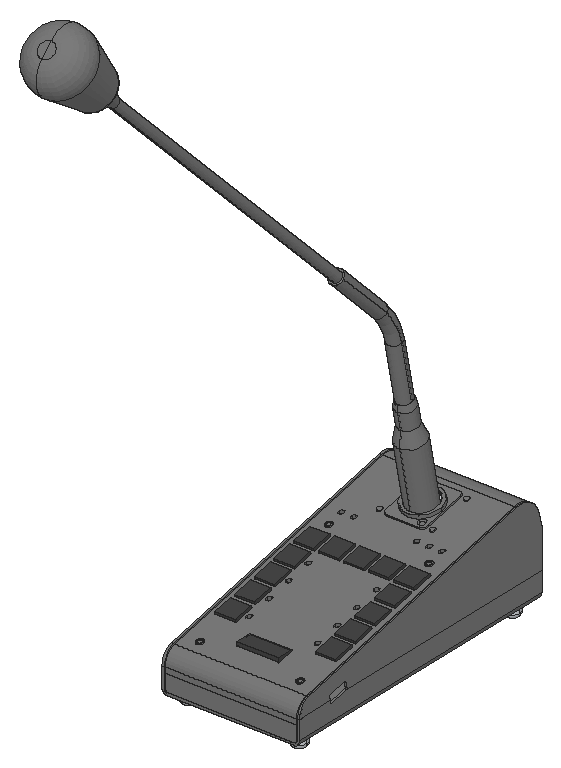
Revit family "LDA_BIM_MICROFONO MULTIZONA_MPS-8Z", category Equipos especializados, Revit 2021 (continued)
Forms (mm)
  Extrusion 123, solid, not visible
    sketch origin (0, 6.21, 0.653) x (1, 0, 0) y (0, 0.978148, 0.207912)
      loop
        line (67.604, 110.777) -> (67.604, 98.163) -> (80.199, 98.163) -> (80.199, 110.777) -> (67.604, 110.777)
      loop
        line (5.197, 95.19) -> (5.197, 82.577) -> (17.793, 82.577) -> (17.793, 95.19) -> (5.197, 95.19)
      loop
        line (67.607, 95.163) -> (67.607, 82.549) -> (80.202, 82.549) -> (80.202, 95.163) -> (67.607, 95.163)
      loop
        line (5.197, 79.59) -> (5.197, 66.977) -> (17.793, 66.977) -> (17.793, 79.59) -> (5.197, 79.59)
      loop
        line (67.607, 79.563) -> (67.607, 66.949) -> (80.202, 66.949) -> (80.202, 79.563) -> (67.607, 79.563)
      loop
        line (5.197, 63.99) -> (5.197, 51.377) -> (17.793, 51.377) -> (17.793, 63.99) -> (5.197, 63.99)
      loop
        line (67.607, 63.963) -> (67.607, 51.349) -> (80.202, 51.349) -> (80.202, 63.963) -> (67.607, 63.963)
      loop
        line (5.197, 48.39) -> (5.197, 35.777) -> (17.793, 35.777) -> (17.793, 48.39) -> (5.197, 48.39)
      loop
        line (67.607, 48.363) -> (67.607, 35.749) -> (80.202, 35.749) -> (80.202, 48.363) -> (67.607, 48.363)
    from 28.37 to 31
  Extrusion 124, solid, not visible
    sketch origin (0, 0, 0) x (0, 1, 0) y (0, 0, 1)
      loop
        line (31.165, 36.495) -> (21.165, 36.495) -> (21.165, 32.836) -> (31.477, 35.028) -> (31.165, 36.495)
    from 29.7 to 55.7
  Extrusion 125, solid, not visible
    sketch origin (0, 0, 0) x (1, 0, 0) y (0, 0, 1)
      loop
        line (61.15, 33.39) -> (44.45, 33.39) -> (44.45, 19.49) -> (61.15, 19.49) -> (61.15, 33.39)
    from -178.1 to -188.08
  Extrusion 126, void, not visible
    sketch origin (0, 0, 0) x (1, 0, 0) y (0, 0, 1)
      loop
        line (59.062, 31.248) -> (46.471, 31.248) -> (46.471, 23.2) -> (49.191, 23.2) -> (49.191, 21.746) -> (50.328, 21.746) -> (50.328, 19.95) -> (55.206, 19.95) -> (55.206, 21.746) -> (56.343, 21.746) -> (56.343, 23.2) -> (59.062, 23.2) -> (59.062, 31.248)
    from -188.08 to -180.1
  Extrusion 127, solid, not visible
    sketch origin (-17.8, 0, 0) x (1, 0, 0) y (0, 0, 1)
      loop
        line (61.15, 33.39) -> (44.45, 33.39) -> (44.45, 19.49) -> (61.15, 19.49) -> (61.15, 33.39)
    from -178.1 to -188.08
  Extrusion 128, void, not visible
    sketch origin (-17.8, 0, 0) x (1, 0, 0) y (0, 0, 1)
      loop
        line (59.062, 31.248) -> (46.471, 31.248) -> (46.471, 23.2) -> (49.191, 23.2) -> (49.191, 21.746) -> (50.328, 21.746) -> (50.328, 19.95) -> (55.206, 19.95) -> (55.206, 21.746) -> (56.343, 21.746) -> (56.343, 23.2) -> (59.062, 23.2) -> (59.062, 31.248)
    from -188.08 to -180.1
  Extrusion 129, solid, not visible
    sketch origin (16.068, 0, -5.533) x (1, 0, 0) y (0, 0, 1)
      loop
        circle (50.472, 28.733) r 3.2
    from -178.1 to -190
  Extrusion 130, void, not visible
    sketch origin (13.495, 0, -9.449) x (1, 0, 0) y (0, 0, 1)
      loop
        circle (53.045, 32.649) r 2.2
    from -190 to -180.1
Cuts and joins
  Extrusion 40, Extrusion 47, Extrusion 57, Extrusion 59, Extrusion 61 cuts Extrusion 38
  Revolve 30, Revolve 31 cuts Extrusion 29
  Extrusion 57 cuts Extrusion 56
  Extrusion 59 cuts Extrusion 58
  Extrusion 61 cuts Extrusion 60
  Extrusion 47 cuts Extrusion 46
  Extrusion 3, Extrusion 5 cuts Sweep 1
Lines and regions (mm)
  symbolic lines, style "_Rojo_Solido_Grueso", not visible
    curve 1: line (-41.821, 0, 0) -> (160, 0, 0)
    curve 2: line (-41.821, 0, 0) -> (-94.321, 32.482, 0)
    curve 3: line (-94.321, -32.482, 0) -> (-94.321, 32.482, 0)
    curve 490: line (-41.821, 0, 0) -> (-94.321, -32.482, 0)
    curve 496: line (42.7, 42.7, 0) -> (42.7, -42.7, 0)
    curve 497: line (230.78, 42.7, 0) -> (42.7, 42.7, 0)
    curve 498: line (230.78, -42.7, 0) -> (230.78, 42.7, 0)
    curve 499: line (42.7, -42.7, 0) -> (230.78, -42.7, 0)
    curve 500: line (160, -42.7, 0) -> (160, 42.7, 0)
  model lines, style "COT"
    curve 4: circle (42.7, 149.354, 61.617) r 12 normal (0, -0.2079, 0.9781)
  model lines, style "SERIGRAFIA FRONTAL"
    curve 5: arc (23.789, 129.081, 57.307) -> (23.642, 129.427, 57.381) -> (23.289, 129.57, 57.411) r 0.5
    curve 6: arc (23.289, 120.766, 55.54) -> (23.642, 120.91, 55.571) -> (23.789, 121.256, 55.644) r 0.5
    curve 7: arc (6.989, 121.256, 55.644) -> (7.135, 120.91, 55.571) -> (7.489, 120.766, 55.54) r 0.5
    curve 8: arc (7.489, 129.57, 57.411) -> (7.135, 129.427, 57.381) -> (6.989, 129.081, 57.307) r 0.5
    curve 9: arc (7.489, 129.765, 57.453) -> (6.994, 129.565, 57.41) -> (6.789, 129.081, 57.307) r 0.7
    curve 10: arc (6.789, 121.256, 55.644) -> (6.994, 120.771, 55.541) -> (7.489, 120.571, 55.499) r 0.7
    curve 11: arc (23.989, 129.081, 57.307) -> (23.784, 129.565, 57.41) -> (23.289, 129.765, 57.453) r 0.7
    curve 12: arc (23.289, 120.571, 55.499) -> (23.784, 120.771, 55.541) -> (23.989, 121.256, 55.644) r 0.7
    curve 13: arc (54.292, 129.767, 57.453) -> (53.797, 129.567, 57.411) -> (53.592, 129.083, 57.308) r 0.7
    curve 14: arc (54.292, 129.572, 57.412) -> (53.938, 129.429, 57.381) -> (53.792, 129.083, 57.308) r 0.5
    curve 15: arc (78.595, 129.083, 57.308) -> (78.39, 129.567, 57.411) -> (77.895, 129.767, 57.453) r 0.7
    curve 16: arc (78.395, 129.083, 57.308) -> (78.248, 129.429, 57.381) -> (77.895, 129.572, 57.412) r 0.5
    curve 17: arc (53.592, 121.258, 55.644) -> (53.797, 120.773, 55.542) -> (54.292, 120.573, 55.499) r 0.7
    curve 18: arc (77.895, 120.573, 55.499) -> (78.39, 120.773, 55.542) -> (78.595, 121.258, 55.644) r 0.7
    curve 19: arc (77.895, 120.768, 55.541) -> (78.248, 120.912, 55.571) -> (78.395, 121.258, 55.644) r 0.5
    curve 20: arc (53.792, 121.258, 55.644) -> (53.938, 120.912, 55.571) -> (54.292, 120.768, 55.541) r 0.5
    curve 21: arc (4.28, 109.898, 53.23) -> (3.785, 109.698, 53.187) -> (3.58, 109.214, 53.084) r 0.7
    curve 22: arc (3.58, 95.3, 50.127) -> (3.785, 94.816, 50.024) -> (4.28, 94.615, 49.981) r 0.7
    curve 23: arc (4.28, 109.703, 53.188) -> (3.926, 109.559, 53.158) -> (3.78, 109.214, 53.084) r 0.5
    curve 24: arc (3.78, 95.3, 50.127) -> (3.926, 94.954, 50.053) -> (4.28, 94.811, 50.023) r 0.5
    curve 25: arc (80.994, 94.62, 49.982) -> (81.489, 94.82, 50.025) -> (81.694, 95.304, 50.128) r 0.7
    curve 26: arc (81.694, 109.214, 53.084) -> (81.489, 109.698, 53.187) -> (80.994, 109.898, 53.23) r 0.7
    curve 27: arc (80.994, 94.815, 50.024) -> (81.347, 94.958, 50.054) -> (81.494, 95.304, 50.128) r 0.5
    curve 28: arc (81.494, 109.214, 53.084) -> (81.347, 109.559, 53.158) -> (80.994, 109.703, 53.188) r 0.5
    curve 29: arc (60.496, 90.024, 49.006) -> (60.971, 89.843, 48.967) -> (61.194, 89.394, 48.872) r 0.7
    curve 30: arc (61.194, 84.394, 47.809) -> (60.971, 83.946, 47.714) -> (60.496, 83.764, 47.675) r 0.7
    curve 31: arc (24.894, 83.764, 47.675) -> (24.399, 83.965, 47.718) -> (24.194, 84.449, 47.821) r 0.7
    curve 32: arc (24.194, 89.339, 48.86) -> (24.399, 89.824, 48.963) -> (24.894, 90.024, 49.006) r 0.7
    curve 33: arc (60.496, 89.829, 48.964) -> (60.833, 89.701, 48.937) -> (60.994, 89.386, 48.87) r 0.5
    curve 34: arc (60.994, 84.403, 47.811) -> (60.833, 84.087, 47.744) -> (60.496, 83.96, 47.717) r 0.5
    curve 35: arc (24.894, 83.96, 47.717) -> (24.54, 84.103, 47.747) -> (24.394, 84.449, 47.821) r 0.5
    curve 36: arc (24.394, 89.339, 48.86) -> (24.54, 89.685, 48.934) -> (24.894, 89.829, 48.964) r 0.5
    curve 37: arc (60.497, 74.768, 45.763) -> (60.992, 74.567, 45.72) -> (61.197, 74.083, 45.617) r 0.7
    curve 38: arc (61.197, 69.192, 44.578) -> (60.992, 68.708, 44.475) -> (60.497, 68.508, 44.432) r 0.7
    curve 39: arc (24.895, 68.508, 44.432) -> (24.4, 68.708, 44.475) -> (24.195, 69.192, 44.578) r 0.7
    curve 40: arc (24.195, 74.083, 45.617) -> (24.4, 74.567, 45.72) -> (24.895, 74.768, 45.763) r 0.7
    curve 41: arc (60.497, 74.572, 45.721) -> (60.85, 74.429, 45.691) -> (60.997, 74.083, 45.617) r 0.5
    curve 42: arc (60.997, 69.192, 44.578) -> (60.85, 68.846, 44.504) -> (60.497, 68.703, 44.474) r 0.5
    curve 43: arc (24.895, 68.703, 44.474) -> (24.541, 68.846, 44.504) -> (24.395, 69.192, 44.578) r 0.5
    curve 44: arc (24.395, 74.083, 45.617) -> (24.541, 74.429, 45.691) -> (24.895, 74.572, 45.721) r 0.5
    curve 45: arc (60.497, 59.506, 42.519) -> (60.992, 59.305, 42.476) -> (61.197, 58.821, 42.373) r 0.7
    curve 46: arc (61.197, 53.931, 41.334) -> (60.992, 53.446, 41.231) -> (60.497, 53.246, 41.188) r 0.7
    curve 47: arc (24.895, 53.246, 41.188) -> (24.4, 53.446, 41.231) -> (24.195, 53.931, 41.334) r 0.7
    curve 48: arc (24.195, 58.821, 42.373) -> (24.4, 59.305, 42.476) -> (24.895, 59.506, 42.519) r 0.7
    curve 49: arc (60.497, 59.31, 42.477) -> (60.851, 59.167, 42.447) -> (60.997, 58.821, 42.373) r 0.5
    curve 50: arc (60.997, 53.931, 41.334) -> (60.851, 53.585, 41.26) -> (60.497, 53.441, 41.23) r 0.5
    curve 51: arc (24.895, 53.441, 41.23) -> (24.541, 53.585, 41.26) -> (24.395, 53.931, 41.334) r 0.5
    curve 52: arc (24.395, 58.821, 42.373) -> (24.541, 59.167, 42.447) -> (24.895, 59.31, 42.477) r 0.5
    curve 53: arc (60.494, 44.249, 39.276) -> (60.989, 44.048, 39.233) -> (61.194, 43.564, 39.13) r 0.7
    curve 54: arc (61.194, 38.674, 38.091) -> (60.989, 38.189, 37.988) -> (60.494, 37.989, 37.945) r 0.7
    curve 55: arc (24.892, 37.989, 37.945) -> (24.397, 38.189, 37.988) -> (24.192, 38.674, 38.091) r 0.7
    curve 56: arc (24.192, 43.564, 39.13) -> (24.397, 44.048, 39.233) -> (24.892, 44.249, 39.276) r 0.7
    curve 57: arc (60.494, 44.053, 39.234) -> (60.847, 43.91, 39.204) -> (60.994, 43.564, 39.13) r 0.5
    curve 58: arc (60.994, 38.674, 38.091) -> (60.847, 38.328, 38.017) -> (60.494, 38.184, 37.987) r 0.5
    curve 59: arc (24.892, 38.184, 37.987) -> (24.538, 38.328, 38.017) -> (24.392, 38.674, 38.091) r 0.5
    curve 60: arc (24.392, 43.564, 39.13) -> (24.538, 43.91, 39.204) -> (24.892, 44.053, 39.234) r 0.5
    curve 61: arc (27.994, 19.347, 33.983) -> (28.199, 18.863, 33.88) -> (28.694, 18.662, 33.837) r 0.7
    curve 62: arc (28.194, 19.347, 33.983) -> (28.34, 19.001, 33.909) -> (28.694, 18.858, 33.879) r 0.5
    curve 63: arc (56.694, 18.662, 33.837) -> (57.19, 18.863, 33.88) -> (57.394, 19.349, 33.983) r 0.7
    curve 64: arc (56.694, 18.858, 33.879) -> (57.048, 19.001, 33.909) -> (57.194, 19.347, 33.983) r 0.5
    curve 65: arc (60.494, 34.977, 37.305) -> (60.989, 35.178, 37.348) -> (61.194, 35.662, 37.451) r 0.7
    curve 66: arc (60.494, 35.173, 37.347) -> (60.848, 35.316, 37.377) -> (60.994, 35.662, 37.451) r 0.5
    curve 67: arc (24.894, 93.079, 49.655) -> (24.399, 92.878, 49.612) -> (24.194, 92.394, 49.509) r 0.7
    curve 68: arc (24.894, 92.883, 49.613) -> (24.54, 92.74, 49.583) -> (24.394, 92.393, 49.509) r 0.5
    curve 69: line (23.789, 129.081, 57.307) -> (23.789, 121.256, 55.644)
    curve 70: line (23.289, 120.766, 55.54) -> (15.539, 120.766, 55.54)
    curve 71: line (15.539, 120.766, 55.54) -> (15.239, 120.766, 55.54)
    curve 72: line (15.239, 120.766, 55.54) -> (7.489, 120.766, 55.54)
    curve 73: line (6.989, 121.256, 55.644) -> (6.989, 129.081, 57.307)
    curve 74: line (7.489, 129.57, 57.411) -> (7.989, 129.57, 57.411)
    curve 75: line (7.989, 129.57, 57.411) -> (7.989, 129.765, 57.453)
    curve 76: line (7.989, 129.765, 57.453) -> (7.489, 129.765, 57.453)
    curve 77: line (6.789, 129.081, 57.307) -> (6.789, 121.256, 55.644)
    curve 78: line (7.489, 120.571, 55.499) -> (15.239, 120.571, 55.499)
    curve 79: line (15.239, 120.571, 55.499) -> (15.539, 120.571, 55.499)
    curve 80: line (15.539, 120.571, 55.499) -> (23.289, 120.571, 55.499)
    curve 81: line (23.989, 121.256, 55.644) -> (23.989, 129.081, 57.307)
    curve 82: line (23.289, 129.765, 57.453) -> (22.789, 129.765, 57.453)
    curve 83: line (22.789, 129.765, 57.453) -> (22.789, 129.57, 57.411)
    curve 84: line (22.789, 129.57, 57.411) -> (23.289, 129.57, 57.411)
    curve 85: line (53.792, 129.083, 57.308) -> (53.792, 125.17, 56.476)
    curve 86: line (53.792, 125.17, 56.476) -> (53.792, 121.258, 55.644)
    curve 87: line (53.592, 121.258, 55.644) -> (53.592, 129.083, 57.308)
    curve 88: line (54.292, 129.767, 57.453) -> (54.792, 129.767, 57.453)
    curve 89: line (54.792, 129.767, 57.453) -> (54.792, 129.572, 57.412)
    curve 90: line (54.792, 129.572, 57.412) -> (54.292, 129.572, 57.412)
    curve 91: line (78.395, 129.083, 57.308) -> (78.395, 125.17, 56.476)
    curve 92: line (78.395, 125.17, 56.476) -> (78.395, 121.258, 55.644)
    curve 93: line (78.595, 121.258, 55.644) -> (78.595, 129.083, 57.308)
    curve 94: line (77.895, 129.767, 57.453) -> (77.395, 129.767, 57.453)
    curve 95: line (77.395, 129.767, 57.453) -> (77.395, 129.572, 57.412)
    curve 96: line (77.395, 129.572, 57.412) -> (77.895, 129.572, 57.412)
    curve 97: line (54.292, 120.573, 55.499) -> (77.895, 120.573, 55.499)
    curve 98: line (77.895, 120.768, 55.541) -> (54.292, 120.768, 55.541)
    curve 99: line (3.58, 109.214, 53.084) -> (3.58, 95.3, 50.127)
    curve 100: line (4.28, 94.615, 49.981) -> (51.513, 94.615, 49.981)
    curve 101: line (51.513, 94.615, 49.981) -> (80.994, 94.615, 49.981)
    curve 102: line (4.28, 109.898, 53.23) -> (5.381, 109.898, 53.23)
    curve 103: line (5.381, 109.898, 53.23) -> (5.381, 109.703, 53.188)
    curve 104: line (5.381, 109.703, 53.188) -> (4.28, 109.703, 53.188)
    curve 105: line (3.78, 109.214, 53.084) -> (3.78, 95.3, 50.127)
    curve 106: line (4.28, 94.811, 50.023) -> (51.513, 94.811, 50.023)
    curve 107: line (51.513, 94.811, 50.023) -> (80.994, 94.811, 50.023)
    curve 108: line (81.694, 95.304, 50.128) -> (81.694, 109.214, 53.084)
    curve 109: line (81.494, 95.304, 50.128) -> (81.494, 109.214, 53.084)
    curve 110: line (80.994, 109.703, 53.188) -> (80.494, 109.703, 53.188)
    curve 111: line (80.494, 109.703, 53.188) -> (80.494, 109.898, 53.23)
    curve 112: line (80.494, 109.898, 53.23) -> (80.994, 109.898, 53.23)
    curve 113: line (61.194, 85.427, 48.028) -> (61.194, 89.394, 48.872)
    curve 114: line (61.194, 89.394, 48.872) -> (61.194, 84.394, 47.809)
    curve 115: line (61.194, 84.394, 47.809) -> (61.194, 88.361, 48.652)
    curve 116: line (60.496, 90.024, 49.006) -> (24.894, 90.024, 49.006)
    curve 117: line (24.894, 90.024, 49.006) -> (60.496, 90.024, 49.006)
    curve 118: line (24.194, 89.339, 48.86) -> (24.194, 84.449, 47.821)
    curve 119: line (24.194, 84.449, 47.821) -> (24.194, 89.339, 48.86)
    curve 120: line (60.496, 89.829, 48.964) -> (42.694, 89.829, 48.964)
    curve 121: line (42.694, 89.829, 48.964) -> (24.894, 89.829, 48.964)
    curve 122: line (24.894, 89.829, 48.964) -> (60.496, 89.829, 48.964)
    curve 123: line (24.394, 89.339, 48.86) -> (24.394, 84.449, 47.821)
    curve 124: line (24.394, 84.449, 47.821) -> (24.394, 89.339, 48.86)
    curve 125: line (60.994, 88.361, 48.652) -> (60.994, 84.403, 47.811)
    curve 126: line (60.994, 84.495, 47.83) -> (60.994, 89.386, 48.87)
    curve 127: line (60.994, 89.293, 48.85) -> (60.994, 85.427, 48.028)
    curve 128: line (24.894, 83.96, 47.717) -> (60.496, 83.96, 47.717)
    curve 129: line (60.496, 83.96, 47.717) -> (24.894, 83.96, 47.717)
    curve 130: line (24.894, 83.764, 47.675) -> (60.496, 83.764, 47.675)
    curve 131: line (60.496, 83.764, 47.675) -> (24.894, 83.764, 47.675)
    curve 132: line (60.497, 74.768, 45.763) -> (24.895, 74.768, 45.763)
    curve 133: line (24.895, 74.768, 45.763) -> (60.497, 74.768, 45.763)
    curve 134: line (24.195, 74.083, 45.617) -> (24.195, 69.192, 44.578)
    curve 135: line (24.195, 69.192, 44.578) -> (24.195, 74.083, 45.617)
    curve 136: line (42.695, 74.572, 45.721) -> (24.895, 74.572, 45.721)
    curve 137: line (24.895, 74.572, 45.721) -> (60.497, 74.572, 45.721)
    curve 138: line (24.395, 74.083, 45.617) -> (24.395, 69.192, 44.578)
    curve 139: line (24.395, 69.192, 44.578) -> (24.395, 74.083, 45.617)
    curve 140: line (24.895, 68.703, 44.474) -> (60.497, 68.703, 44.474)
    curve 141: line (60.497, 68.703, 44.474) -> (24.895, 68.703, 44.474)
    curve 142: line (24.895, 68.508, 44.432) -> (60.497, 68.508, 44.432)
    curve 143: line (60.497, 68.508, 44.432) -> (24.895, 68.508, 44.432)
    curve 144: line (61.197, 74.083, 45.617) -> (61.197, 69.192, 44.578)
    curve 145: line (60.997, 74.083, 45.617) -> (60.997, 69.192, 44.578)
    curve 146: line (60.497, 59.506, 42.519) -> (24.895, 59.506, 42.519)
    curve 147: line (24.895, 59.506, 42.519) -> (60.497, 59.506, 42.519)
    curve 148: line (24.195, 58.821, 42.373) -> (24.195, 53.931, 41.334)
    curve 149: line (24.195, 53.931, 41.334) -> (24.195, 58.821, 42.373)
    curve 150: line (42.695, 59.31, 42.477) -> (24.895, 59.31, 42.477)
    curve 151: line (24.895, 59.31, 42.477) -> (60.497, 59.31, 42.477)
    curve 152: line (24.395, 58.821, 42.373) -> (24.395, 53.931, 41.334)
    curve 153: line (24.395, 53.931, 41.334) -> (24.395, 58.821, 42.373)
    curve 154: line (24.895, 53.441, 41.23) -> (60.497, 53.441, 41.23)
    curve 155: line (60.497, 53.441, 41.23) -> (24.895, 53.441, 41.23)
    curve 156: line (24.895, 53.246, 41.188) -> (60.497, 53.246, 41.188)
    curve 157: line (60.497, 53.246, 41.188) -> (24.895, 53.246, 41.188)
    curve 158: line (61.197, 58.821, 42.373) -> (61.197, 53.931, 41.334)
    curve 159: line (60.997, 58.821, 42.373) -> (60.997, 53.931, 41.334)
    curve 160: line (60.494, 44.249, 39.276) -> (24.892, 44.249, 39.276)
    curve 161: line (24.892, 44.249, 39.276) -> (60.494, 44.249, 39.276)
    curve 162: line (24.192, 43.564, 39.13) -> (24.192, 38.674, 38.091)
    curve 163: line (24.192, 38.674, 38.091) -> (24.192, 43.564, 39.13)
    curve 164: line (42.692, 44.053, 39.234) -> (24.892, 44.053, 39.234)
    curve 165: line (24.892, 44.053, 39.234) -> (60.494, 44.053, 39.234)
    curve 166: line (24.392, 43.564, 39.13) -> (24.392, 38.674, 38.091)
    curve 167: line (24.392, 38.674, 38.091) -> (24.392, 43.564, 39.13)
    curve 168: line (24.892, 38.184, 37.987) -> (60.494, 38.184, 37.987)
    curve 169: line (60.494, 38.184, 37.987) -> (24.892, 38.184, 37.987)
    curve 170: line (24.892, 37.989, 37.945) -> (60.494, 37.989, 37.945)
    curve 171: line (60.494, 37.989, 37.945) -> (24.892, 37.989, 37.945)
    curve 172: line (61.194, 43.564, 39.13) -> (61.194, 38.674, 38.091)
    curve 173: line (60.994, 43.564, 39.13) -> (60.994, 38.674, 38.091)
    curve 174: line (38.594, 18.858, 33.879) -> (38.594, 18.662, 33.837)
    curve 175: line (38.594, 18.662, 33.837) -> (31.594, 18.662, 33.837)
    curve 176: line (31.594, 18.662, 33.837) -> (31.594, 18.858, 33.879)
    curve 177: line (31.594, 18.858, 33.879) -> (38.594, 18.858, 33.879)
    curve 178: line (28.194, 19.347, 33.983) -> (28.194, 20.717, 34.274)
    curve 179: line (28.194, 20.717, 34.274) -> (28.194, 22.673, 34.69)
    curve 180: line (28.194, 22.673, 34.69) -> (27.994, 22.673, 34.69)
    curve 181: line (27.994, 22.673, 34.69) -> (27.994, 19.347, 33.983)
    curve 182: line (28.694, 18.662, 33.837) -> (31.594, 18.662, 33.837)
    curve 183: line (31.594, 18.662, 33.837) -> (31.594, 18.858, 33.879)
    curve 184: line (31.594, 18.858, 33.879) -> (28.694, 18.858, 33.879)
    curve 185: line (46.794, 18.858, 33.879) -> (46.794, 18.662, 33.837)
    curve 186: line (46.794, 18.662, 33.837) -> (53.794, 18.662, 33.837)
    curve 187: line (53.794, 18.662, 33.837) -> (53.794, 18.858, 33.879)
    curve 188: line (53.794, 18.858, 33.879) -> (46.794, 18.858, 33.879)
    curve 189: line (57.194, 19.347, 33.983) -> (57.194, 20.717, 34.274)
    curve 190: line (57.194, 20.717, 34.274) -> (57.194, 22.673, 34.69)
    curve 191: line (57.194, 22.673, 34.69) -> (57.394, 22.673, 34.69)
    curve 192: line (57.394, 22.673, 34.69) -> (57.394, 19.349, 33.983)
    curve 193: line (56.694, 18.662, 33.837) -> (53.794, 18.662, 33.837)
    curve 194: line (53.794, 18.662, 33.837) -> (53.794, 18.858, 33.879)
    curve 195: line (53.794, 18.858, 33.879) -> (56.694, 18.858, 33.879)
    curve 196: line (61.194, 35.662, 37.451) -> (61.194, 36.933, 37.721)
    curve 197: line (61.194, 36.933, 37.721) -> (60.994, 36.933, 37.721)
    curve 198: line (60.994, 36.933, 37.721) -> (60.994, 35.662, 37.451)
    curve 199: line (60.494, 35.173, 37.347) -> (58.994, 35.173, 37.347)
    curve 200: line (58.994, 35.173, 37.347) -> (58.994, 34.977, 37.305)
    curve 201: line (58.994, 34.977, 37.305) -> (60.494, 34.977, 37.305)
    curve 202: line (24.194, 92.394, 49.509) -> (24.194, 91.123, 49.239)
    curve 203: line (24.194, 91.123, 49.239) -> (24.394, 91.123, 49.239)
    curve 204: line (24.394, 91.123, 49.239) -> (24.394, 92.393, 49.509)
    curve 205: line (24.894, 92.883, 49.613) -> (26.394, 92.883, 49.613)
    curve 206: line (26.394, 92.883, 49.613) -> (26.394, 93.079, 49.655)
    curve 207: line (26.394, 93.079, 49.655) -> (24.894, 93.079, 49.655)
    curve 208: circle (63.88, 86.923, 48.347) r 1.65 normal (0, -0.2079, 0.9781)
    curve 209: circle (63.898, 71.663, 45.103) r 1.65 normal (0, -0.2079, 0.9781)
    curve 210: circle (63.861, 56.386, 41.856) r 1.65 normal (0, -0.2079, 0.9781)
    curve 211: circle (21.494, 86.921, 48.346) r 1.65 normal (0, -0.2079, 0.9781)
    curve 212: spline (21.495, 73.279, 45.446) -> (21.068, 73.224, 45.435) -> (20.67, 73.062, 45.4) -> (20.328, 72.806, 45.346) -> (20.066, 72.472, 45.275) -> (19.901, 72.082, 45.192) -> (19.845, 71.665, 45.103) -> (19.901, 71.247, 45.014) -> (20.066, 70.858, 44.932) -> (20.328, 70.523, 44.861) -> (20.67, 70.267, 44.806) -> (21.068, 70.106, 44.772) -> (21.495, 70.051, 44.76) -> (21.922, 70.106, 44.772) -> (22.32, 70.267, 44.806) -> (22.661, 70.523, 44.861) -> (22.924, 70.858, 44.932) -> (23.088, 71.247, 45.014) -> (23.145, 71.665, 45.103) -> (23.088, 72.082, 45.192) -> (22.924, 72.472, 45.275) -> (22.661, 72.806, 45.346) -> (22.32, 73.062, 45.4) -> (21.922, 73.224, 45.435) -> (21.495, 73.279, 45.446)
    curve 213: spline (21.495, 58.017, 42.202) -> (21.068, 57.962, 42.191) -> (20.67, 57.801, 42.156) -> (20.329, 57.544, 42.102) -> (20.066, 57.21, 42.031) -> (19.902, 56.821, 41.948) -> (19.845, 56.403, 41.859) -> (19.902, 55.985, 41.77) -> (20.066, 55.596, 41.688) -> (20.329, 55.262, 41.617) -> (20.67, 55.005, 41.562) -> (21.068, 54.844, 41.528) -> (21.495, 54.789, 41.516) -> (21.922, 54.844, 41.528) -> (22.32, 55.005, 41.562) -> (22.662, 55.262, 41.617) -> (22.924, 55.596, 41.688) -> (23.089, 55.985, 41.77) -> (23.145, 56.403, 41.859) -> (23.089, 56.821, 41.948) -> (22.924, 57.21, 42.031) -> (22.662, 57.544, 42.102) -> (22.32, 57.801, 42.156) -> (21.922, 57.962, 42.191) -> (21.495, 58.017, 42.202)
    curve 214: spline (21.492, 42.76, 38.959) -> (21.065, 42.705, 38.948) -> (20.667, 42.544, 38.913) -> (20.325, 42.287, 38.859) -> (20.063, 41.953, 38.788) -> (19.898, 41.564, 38.705) -> (19.842, 41.146, 38.616) -> (19.898, 40.728, 38.527) -> (20.063, 40.339, 38.445) -> (20.325, 40.005, 38.374) -> (20.667, 39.748, 38.319) -> (21.065, 39.587, 38.285) -> (21.492, 39.532, 38.273) -> (21.919, 39.587, 38.285) -> (22.317, 39.748, 38.319) -> (22.658, 40.005, 38.374) -> (22.921, 40.339, 38.445) -> (23.085, 40.728, 38.527) -> (23.142, 41.146, 38.616) -> (23.085, 41.564, 38.705) -> (22.921, 41.953, 38.788) -> (22.658, 42.287, 38.859) -> (22.317, 42.544, 38.913) -> (21.919, 42.705, 38.948) -> (21.492, 42.76, 38.959)
    curve 215: circle (63.823, 41.109, 38.608) r 1.65 normal (0, -0.2079, 0.9781)
    curve 216: line (17.794, 108.338, 52.898) -> (5.194, 108.338, 52.898)
    curve 217: line (5.194, 108.338, 52.898) -> (5.194, 96.013, 50.279)
    curve 218: line (5.194, 96.013, 50.279) -> (17.794, 96.013, 50.279)
    curve 219: line (17.794, 96.013, 50.279) -> (17.794, 108.338, 52.898)
    curve 220: line (17.794, 108.338, 52.898) -> (5.194, 108.338, 52.898)
    curve 221: line (5.194, 108.338, 52.898) -> (5.194, 96.013, 50.279)
    curve 222: line (5.194, 96.013, 50.279) -> (17.794, 96.013, 50.279)
    curve 223: line (17.794, 96.013, 50.279) -> (17.794, 108.338, 52.898)
    curve 224: line (17.794, 108.338, 52.898) -> (17.794, 96.013, 50.279)
    curve 225: line (29.846, 20.814, 34.295) -> (55.546, 20.814, 34.295)
    curve 226: line (55.546, 20.814, 34.295) -> (55.546, 31.134, 36.488)
    curve 227: line (55.546, 31.134, 36.488) -> (29.846, 31.134, 36.488)
    curve 228: line (29.846, 31.134, 36.488) -> (29.846, 20.814, 34.295)
    curve 229: line (33.394, 108.338, 52.898) -> (33.394, 96.013, 50.279)
    curve 230: line (33.394, 96.013, 50.279) -> (20.794, 96.013, 50.279)
    curve 231: line (20.794, 96.013, 50.279) -> (20.794, 108.338, 52.898)
    curve 232: line (20.794, 108.338, 52.898) -> (33.394, 108.338, 52.898)
    curve 233: line (48.994, 108.338, 52.898) -> (48.994, 96.013, 50.279)
    curve 234: line (48.994, 96.013, 50.279) -> (36.394, 96.013, 50.279)
    curve 235: line (36.394, 96.013, 50.279) -> (36.394, 108.338, 52.898)
    curve 236: line (36.394, 108.338, 52.898) -> (48.994, 108.338, 52.898)
    curve 237: line (51.994, 108.338, 52.898) -> (51.994, 96.013, 50.279)
    curve 238: line (51.994, 96.013, 50.279) -> (64.594, 96.013, 50.279)
    curve 239: line (64.594, 96.013, 50.279) -> (64.594, 108.338, 52.898)
    curve 240: line (64.594, 108.338, 52.898) -> (51.994, 108.338, 52.898)
    curve 241: line (80.194, 108.338, 52.898) -> (80.194, 96.013, 50.279)
    curve 242: line (80.194, 96.013, 50.279) -> (67.594, 96.013, 50.279)
    curve 243: line (67.594, 96.013, 50.279) -> (67.594, 108.338, 52.898)
    curve 244: line (67.594, 108.338, 52.898) -> (80.194, 108.338, 52.898)
  model lines, style "COT", not visible
    curve 245: circle (42.7, 149.354, 61.617) r 12 normal (0, -0.2079, 0.9781)
  model lines, style "SERIGRAFIA FRONTAL", not visible
    curve 246: arc (23.789, 129.081, 57.307) -> (23.642, 129.427, 57.381) -> (23.289, 129.57, 57.411) r 0.5
    curve 247: arc (23.289, 120.766, 55.54) -> (23.642, 120.91, 55.571) -> (23.789, 121.256, 55.644) r 0.5
    curve 248: arc (6.989, 121.256, 55.644) -> (7.135, 120.91, 55.571) -> (7.489, 120.766, 55.54) r 0.5
    curve 249: arc (7.489, 129.57, 57.411) -> (7.135, 129.427, 57.381) -> (6.989, 129.081, 57.307) r 0.5
    curve 250: arc (7.489, 129.765, 57.453) -> (6.994, 129.565, 57.41) -> (6.789, 129.081, 57.307) r 0.7
    curve 251: arc (6.789, 121.256, 55.644) -> (6.994, 120.771, 55.541) -> (7.489, 120.571, 55.499) r 0.7
    curve 252: arc (23.989, 129.081, 57.307) -> (23.784, 129.565, 57.41) -> (23.289, 129.765, 57.453) r 0.7
    curve 253: arc (23.289, 120.571, 55.499) -> (23.784, 120.771, 55.541) -> (23.989, 121.256, 55.644) r 0.7
    curve 254: arc (54.292, 129.767, 57.453) -> (53.797, 129.567, 57.411) -> (53.592, 129.083, 57.308) r 0.7
    curve 255: arc (54.292, 129.572, 57.412) -> (53.938, 129.429, 57.381) -> (53.792, 129.083, 57.308) r 0.5
    curve 256: arc (78.595, 129.083, 57.308) -> (78.39, 129.567, 57.411) -> (77.895, 129.767, 57.453) r 0.7
    curve 257: arc (78.395, 129.083, 57.308) -> (78.248, 129.429, 57.381) -> (77.895, 129.572, 57.412) r 0.5
    curve 258: arc (53.592, 121.258, 55.644) -> (53.797, 120.773, 55.542) -> (54.292, 120.573, 55.499) r 0.7
    curve 259: arc (77.895, 120.573, 55.499) -> (78.39, 120.773, 55.542) -> (78.595, 121.258, 55.644) r 0.7
    curve 260: arc (77.895, 120.768, 55.541) -> (78.248, 120.912, 55.571) -> (78.395, 121.258, 55.644) r 0.5
    curve 261: arc (53.792, 121.258, 55.644) -> (53.938, 120.912, 55.571) -> (54.292, 120.768, 55.541) r 0.5
    curve 262: arc (4.28, 109.898, 53.23) -> (3.785, 109.698, 53.187) -> (3.58, 109.214, 53.084) r 0.7
    curve 263: arc (3.58, 95.3, 50.127) -> (3.785, 94.816, 50.024) -> (4.28, 94.615, 49.981) r 0.7
    curve 264: arc (4.28, 109.703, 53.188) -> (3.926, 109.559, 53.158) -> (3.78, 109.214, 53.084) r 0.5
    curve 265: arc (3.78, 95.3, 50.127) -> (3.926, 94.954, 50.053) -> (4.28, 94.811, 50.023) r 0.5
    curve 266: arc (80.994, 94.62, 49.982) -> (81.489, 94.82, 50.025) -> (81.694, 95.304, 50.128) r 0.7
    curve 267: arc (81.694, 109.214, 53.084) -> (81.489, 109.698, 53.187) -> (80.994, 109.898, 53.23) r 0.7
    curve 268: arc (80.994, 94.815, 50.024) -> (81.347, 94.958, 50.054) -> (81.494, 95.304, 50.128) r 0.5
    curve 269: arc (81.494, 109.214, 53.084) -> (81.347, 109.559, 53.158) -> (80.994, 109.703, 53.188) r 0.5
    curve 270: arc (60.496, 90.024, 49.006) -> (60.971, 89.843, 48.967) -> (61.194, 89.394, 48.872) r 0.7
    curve 271: arc (61.194, 84.394, 47.809) -> (60.971, 83.946, 47.714) -> (60.496, 83.764, 47.675) r 0.7
    curve 272: arc (24.894, 83.764, 47.675) -> (24.399, 83.965, 47.718) -> (24.194, 84.449, 47.821) r 0.7
    curve 273: arc (24.194, 89.339, 48.86) -> (24.399, 89.824, 48.963) -> (24.894, 90.024, 49.006) r 0.7
    curve 274: arc (60.496, 89.829, 48.964) -> (60.833, 89.701, 48.937) -> (60.994, 89.386, 48.87) r 0.5
    curve 275: arc (60.994, 84.403, 47.811) -> (60.833, 84.087, 47.744) -> (60.496, 83.96, 47.717) r 0.5
    curve 276: arc (24.894, 83.96, 47.717) -> (24.54, 84.103, 47.747) -> (24.394, 84.449, 47.821) r 0.5
    curve 277: arc (24.394, 89.339, 48.86) -> (24.54, 89.685, 48.934) -> (24.894, 89.829, 48.964) r 0.5
    curve 278: arc (60.497, 74.768, 45.763) -> (60.992, 74.567, 45.72) -> (61.197, 74.083, 45.617) r 0.7
    curve 279: arc (61.197, 69.192, 44.578) -> (60.992, 68.708, 44.475) -> (60.497, 68.508, 44.432) r 0.7
    curve 280: arc (24.895, 68.508, 44.432) -> (24.4, 68.708, 44.475) -> (24.195, 69.192, 44.578) r 0.7
    curve 281: arc (24.195, 74.083, 45.617) -> (24.4, 74.567, 45.72) -> (24.895, 74.768, 45.763) r 0.7
    curve 282: arc (60.497, 74.572, 45.721) -> (60.85, 74.429, 45.691) -> (60.997, 74.083, 45.617) r 0.5
    curve 283: arc (60.997, 69.192, 44.578) -> (60.85, 68.846, 44.504) -> (60.497, 68.703, 44.474) r 0.5
    curve 284: arc (24.895, 68.703, 44.474) -> (24.541, 68.846, 44.504) -> (24.395, 69.192, 44.578) r 0.5
    curve 285: arc (24.395, 74.083, 45.617) -> (24.541, 74.429, 45.691) -> (24.895, 74.572, 45.721) r 0.5
    curve 286: arc (60.497, 59.506, 42.519) -> (60.992, 59.305, 42.476) -> (61.197, 58.821, 42.373) r 0.7
    curve 287: arc (61.197, 53.931, 41.334) -> (60.992, 53.446, 41.231) -> (60.497, 53.246, 41.188) r 0.7
    curve 288: arc (24.895, 53.246, 41.188) -> (24.4, 53.446, 41.231) -> (24.195, 53.931, 41.334) r 0.7
    curve 289: arc (24.195, 58.821, 42.373) -> (24.4, 59.305, 42.476) -> (24.895, 59.506, 42.519) r 0.7
    curve 290: arc (60.497, 59.31, 42.477) -> (60.851, 59.167, 42.447) -> (60.997, 58.821, 42.373) r 0.5
    curve 291: arc (60.997, 53.931, 41.334) -> (60.851, 53.585, 41.26) -> (60.497, 53.441, 41.23) r 0.5
    curve 292: arc (24.895, 53.441, 41.23) -> (24.541, 53.585, 41.26) -> (24.395, 53.931, 41.334) r 0.5
    curve 293: arc (24.395, 58.821, 42.373) -> (24.541, 59.167, 42.447) -> (24.895, 59.31, 42.477) r 0.5
    curve 294: arc (60.494, 44.249, 39.276) -> (60.989, 44.048, 39.233) -> (61.194, 43.564, 39.13) r 0.7
    curve 295: arc (61.194, 38.674, 38.091) -> (60.989, 38.189, 37.988) -> (60.494, 37.989, 37.945) r 0.7
    curve 296: arc (24.892, 37.989, 37.945) -> (24.397, 38.189, 37.988) -> (24.192, 38.674, 38.091) r 0.7
    curve 297: arc (24.192, 43.564, 39.13) -> (24.397, 44.048, 39.233) -> (24.892, 44.249, 39.276) r 0.7
    curve 298: arc (60.494, 44.053, 39.234) -> (60.847, 43.91, 39.204) -> (60.994, 43.564, 39.13) r 0.5
    curve 299: arc (60.994, 38.674, 38.091) -> (60.847, 38.328, 38.017) -> (60.494, 38.184, 37.987) r 0.5
    curve 300: arc (24.892, 38.184, 37.987) -> (24.538, 38.328, 38.017) -> (24.392, 38.674, 38.091) r 0.5
    curve 301: arc (24.392, 43.564, 39.13) -> (24.538, 43.91, 39.204) -> (24.892, 44.053, 39.234) r 0.5
    curve 302: arc (27.994, 19.347, 33.983) -> (28.199, 18.863, 33.88) -> (28.694, 18.662, 33.837) r 0.7
    curve 303: arc (28.194, 19.347, 33.983) -> (28.34, 19.001, 33.909) -> (28.694, 18.858, 33.879) r 0.5
    curve 304: arc (56.694, 18.662, 33.837) -> (57.19, 18.863, 33.88) -> (57.394, 19.349, 33.983) r 0.7
    curve 305: arc (56.694, 18.858, 33.879) -> (57.048, 19.001, 33.909) -> (57.194, 19.347, 33.983) r 0.5
    curve 306: arc (60.494, 34.977, 37.305) -> (60.989, 35.178, 37.348) -> (61.194, 35.662, 37.451) r 0.7
    curve 307: arc (60.494, 35.173, 37.347) -> (60.848, 35.316, 37.377) -> (60.994, 35.662, 37.451) r 0.5
    curve 308: arc (24.894, 93.079, 49.655) -> (24.399, 92.878, 49.612) -> (24.194, 92.394, 49.509) r 0.7
    curve 309: arc (24.894, 92.883, 49.613) -> (24.54, 92.74, 49.583) -> (24.394, 92.393, 49.509) r 0.5
    curve 310: line (23.789, 129.081, 57.307) -> (23.789, 121.256, 55.644)
    curve 311: line (23.289, 120.766, 55.54) -> (15.539, 120.766, 55.54)
    curve 312: line (15.539, 120.766, 55.54) -> (15.239, 120.766, 55.54)
    curve 313: line (15.239, 120.766, 55.54) -> (7.489, 120.766, 55.54)
    curve 314: line (6.989, 121.256, 55.644) -> (6.989, 129.081, 57.307)
    curve 315: line (7.489, 129.57, 57.411) -> (7.989, 129.57, 57.411)
    curve 316: line (7.989, 129.57, 57.411) -> (7.989, 129.765, 57.453)
    curve 317: line (7.989, 129.765, 57.453) -> (7.489, 129.765, 57.453)
    curve 318: line (6.789, 129.081, 57.307) -> (6.789, 121.256, 55.644)
    curve 319: line (7.489, 120.571, 55.499) -> (15.239, 120.571, 55.499)
    curve 320: line (15.239, 120.571, 55.499) -> (15.539, 120.571, 55.499)
    curve 321: line (15.539, 120.571, 55.499) -> (23.289, 120.571, 55.499)
    curve 322: line (23.989, 121.256, 55.644) -> (23.989, 129.081, 57.307)
    curve 323: line (23.289, 129.765, 57.453) -> (22.789, 129.765, 57.453)
    curve 324: line (22.789, 129.765, 57.453) -> (22.789, 129.57, 57.411)
    curve 325: line (22.789, 129.57, 57.411) -> (23.289, 129.57, 57.411)
    curve 326: line (53.792, 129.083, 57.308) -> (53.792, 125.17, 56.476)
    curve 327: line (53.792, 125.17, 56.476) -> (53.792, 121.258, 55.644)
    curve 328: line (53.592, 121.258, 55.644) -> (53.592, 129.083, 57.308)
    curve 329: line (54.292, 129.767, 57.453) -> (54.792, 129.767, 57.453)
    curve 330: line (54.792, 129.767, 57.453) -> (54.792, 129.572, 57.412)
    curve 331: line (54.792, 129.572, 57.412) -> (54.292, 129.572, 57.412)
    curve 332: line (78.395, 129.083, 57.308) -> (78.395, 125.17, 56.476)
    curve 333: line (78.395, 125.17, 56.476) -> (78.395, 121.258, 55.644)
    curve 334: line (78.595, 121.258, 55.644) -> (78.595, 129.083, 57.308)
    curve 335: line (77.895, 129.767, 57.453) -> (77.395, 129.767, 57.453)
    curve 336: line (77.395, 129.767, 57.453) -> (77.395, 129.572, 57.412)
    curve 337: line (77.395, 129.572, 57.412) -> (77.895, 129.572, 57.412)
    curve 338: line (54.292, 120.573, 55.499) -> (77.895, 120.573, 55.499)
    curve 339: line (77.895, 120.768, 55.541) -> (54.292, 120.768, 55.541)
    curve 340: line (3.58, 109.214, 53.084) -> (3.58, 95.3, 50.127)
    curve 341: line (4.28, 94.615, 49.981) -> (51.513, 94.615, 49.981)
    curve 342: line (51.513, 94.615, 49.981) -> (80.994, 94.615, 49.981)
    curve 343: line (4.28, 109.898, 53.23) -> (5.381, 109.898, 53.23)
    curve 344: line (5.381, 109.898, 53.23) -> (5.381, 109.703, 53.188)
    curve 345: line (5.381, 109.703, 53.188) -> (4.28, 109.703, 53.188)
    curve 346: line (3.78, 109.214, 53.084) -> (3.78, 95.3, 50.127)
    curve 347: line (4.28, 94.811, 50.023) -> (51.513, 94.811, 50.023)
    curve 348: line (51.513, 94.811, 50.023) -> (80.994, 94.811, 50.023)
    curve 349: line (81.694, 95.304, 50.128) -> (81.694, 109.214, 53.084)
    curve 350: line (81.494, 95.304, 50.128) -> (81.494, 109.214, 53.084)
    curve 351: line (80.994, 109.703, 53.188) -> (80.494, 109.703, 53.188)
    curve 352: line (80.494, 109.703, 53.188) -> (80.494, 109.898, 53.23)
    curve 353: line (80.494, 109.898, 53.23) -> (80.994, 109.898, 53.23)
    curve 354: line (61.194, 85.427, 48.028) -> (61.194, 89.394, 48.872)
    curve 355: line (61.194, 89.394, 48.872) -> (61.194, 84.394, 47.809)
    curve 356: line (61.194, 84.394, 47.809) -> (61.194, 88.361, 48.652)
    curve 357: line (60.496, 90.024, 49.006) -> (24.894, 90.024, 49.006)
    curve 358: line (24.894, 90.024, 49.006) -> (60.496, 90.024, 49.006)
    curve 359: line (24.194, 89.339, 48.86) -> (24.194, 84.449, 47.821)
    curve 360: line (24.194, 84.449, 47.821) -> (24.194, 89.339, 48.86)
    curve 361: line (60.496, 89.829, 48.964) -> (42.694, 89.829, 48.964)
    curve 362: line (42.694, 89.829, 48.964) -> (24.894, 89.829, 48.964)
    curve 363: line (24.894, 89.829, 48.964) -> (60.496, 89.829, 48.964)
    curve 364: line (24.394, 89.339, 48.86) -> (24.394, 84.449, 47.821)
    curve 365: line (24.394, 84.449, 47.821) -> (24.394, 89.339, 48.86)
    curve 366: line (60.994, 88.361, 48.652) -> (60.994, 84.403, 47.811)
    curve 367: line (60.994, 84.495, 47.83) -> (60.994, 89.386, 48.87)
    curve 368: line (60.994, 89.293, 48.85) -> (60.994, 85.427, 48.028)
    curve 369: line (24.894, 83.96, 47.717) -> (60.496, 83.96, 47.717)
    curve 370: line (60.496, 83.96, 47.717) -> (24.894, 83.96, 47.717)
    curve 371: line (24.894, 83.764, 47.675) -> (60.496, 83.764, 47.675)
    curve 372: line (60.496, 83.764, 47.675) -> (24.894, 83.764, 47.675)
    curve 373: line (60.497, 74.768, 45.763) -> (24.895, 74.768, 45.763)
    curve 374: line (24.895, 74.768, 45.763) -> (60.497, 74.768, 45.763)
    curve 375: line (24.195, 74.083, 45.617) -> (24.195, 69.192, 44.578)
    curve 376: line (24.195, 69.192, 44.578) -> (24.195, 74.083, 45.617)
    curve 377: line (42.695, 74.572, 45.721) -> (24.895, 74.572, 45.721)
    curve 378: line (24.895, 74.572, 45.721) -> (60.497, 74.572, 45.721)
    curve 379: line (24.395, 74.083, 45.617) -> (24.395, 69.192, 44.578)
    curve 380: line (24.395, 69.192, 44.578) -> (24.395, 74.083, 45.617)
    curve 381: line (24.895, 68.703, 44.474) -> (60.497, 68.703, 44.474)
    curve 382: line (60.497, 68.703, 44.474) -> (24.895, 68.703, 44.474)
    curve 383: line (24.895, 68.508, 44.432) -> (60.497, 68.508, 44.432)
    curve 384: line (60.497, 68.508, 44.432) -> (24.895, 68.508, 44.432)
    curve 385: line (61.197, 74.083, 45.617) -> (61.197, 69.192, 44.578)
    curve 386: line (60.997, 74.083, 45.617) -> (60.997, 69.192, 44.578)
    curve 387: line (60.497, 59.506, 42.519) -> (24.895, 59.506, 42.519)
    curve 388: line (24.895, 59.506, 42.519) -> (60.497, 59.506, 42.519)
    curve 389: line (24.195, 58.821, 42.373) -> (24.195, 53.931, 41.334)
    curve 390: line (24.195, 53.931, 41.334) -> (24.195, 58.821, 42.373)
    curve 391: line (42.695, 59.31, 42.477) -> (24.895, 59.31, 42.477)
    curve 392: line (24.895, 59.31, 42.477) -> (60.497, 59.31, 42.477)
    curve 393: line (24.395, 58.821, 42.373) -> (24.395, 53.931, 41.334)
    curve 394: line (24.395, 53.931, 41.334) -> (24.395, 58.821, 42.373)
    curve 395: line (24.895, 53.441, 41.23) -> (60.497, 53.441, 41.23)
    curve 396: line (60.497, 53.441, 41.23) -> (24.895, 53.441, 41.23)
    curve 397: line (24.895, 53.246, 41.188) -> (60.497, 53.246, 41.188)
    curve 398: line (60.497, 53.246, 41.188) -> (24.895, 53.246, 41.188)
    curve 399: line (61.197, 58.821, 42.373) -> (61.197, 53.931, 41.334)
    curve 400: line (60.997, 58.821, 42.373) -> (60.997, 53.931, 41.334)
    curve 401: line (60.494, 44.249, 39.276) -> (24.892, 44.249, 39.276)
    curve 402: line (24.892, 44.249, 39.276) -> (60.494, 44.249, 39.276)
    curve 403: line (24.192, 43.564, 39.13) -> (24.192, 38.674, 38.091)
    curve 404: line (24.192, 38.674, 38.091) -> (24.192, 43.564, 39.13)
    curve 405: line (42.692, 44.053, 39.234) -> (24.892, 44.053, 39.234)
    curve 406: line (24.892, 44.053, 39.234) -> (60.494, 44.053, 39.234)
    curve 407: line (24.392, 43.564, 39.13) -> (24.392, 38.674, 38.091)
    curve 408: line (24.392, 38.674, 38.091) -> (24.392, 43.564, 39.13)
    curve 409: line (24.892, 38.184, 37.987) -> (60.494, 38.184, 37.987)
    curve 410: line (60.494, 38.184, 37.987) -> (24.892, 38.184, 37.987)
    curve 411: line (24.892, 37.989, 37.945) -> (60.494, 37.989, 37.945)
    curve 412: line (60.494, 37.989, 37.945) -> (24.892, 37.989, 37.945)
    curve 413: line (61.194, 43.564, 39.13) -> (61.194, 38.674, 38.091)
    curve 414: line (60.994, 43.564, 39.13) -> (60.994, 38.674, 38.091)
    curve 415: line (38.594, 18.858, 33.879) -> (38.594, 18.662, 33.837)
    curve 416: line (38.594, 18.662, 33.837) -> (31.594, 18.662, 33.837)
    curve 417: line (31.594, 18.662, 33.837) -> (31.594, 18.858, 33.879)
    curve 418: line (31.594, 18.858, 33.879) -> (38.594, 18.858, 33.879)
    curve 419: line (28.194, 19.347, 33.983) -> (28.194, 20.717, 34.274)
    curve 420: line (28.194, 20.717, 34.274) -> (28.194, 22.673, 34.69)
    curve 421: line (28.194, 22.673, 34.69) -> (27.994, 22.673, 34.69)
    curve 422: line (27.994, 22.673, 34.69) -> (27.994, 19.347, 33.983)
    curve 423: line (28.694, 18.662, 33.837) -> (31.594, 18.662, 33.837)
    curve 424: line (31.594, 18.662, 33.837) -> (31.594, 18.858, 33.879)
    curve 425: line (31.594, 18.858, 33.879) -> (28.694, 18.858, 33.879)
    curve 426: line (46.794, 18.858, 33.879) -> (46.794, 18.662, 33.837)
    curve 427: line (46.794, 18.662, 33.837) -> (53.794, 18.662, 33.837)
    curve 428: line (53.794, 18.662, 33.837) -> (53.794, 18.858, 33.879)
    curve 429: line (53.794, 18.858, 33.879) -> (46.794, 18.858, 33.879)
    curve 430: line (57.194, 19.347, 33.983) -> (57.194, 20.717, 34.274)
    curve 431: line (57.194, 20.717, 34.274) -> (57.194, 22.673, 34.69)
    curve 432: line (57.194, 22.673, 34.69) -> (57.394, 22.673, 34.69)
    curve 433: line (57.394, 22.673, 34.69) -> (57.394, 19.349, 33.983)
    curve 434: line (56.694, 18.662, 33.837) -> (53.794, 18.662, 33.837)
    curve 435: line (53.794, 18.662, 33.837) -> (53.794, 18.858, 33.879)
    curve 436: line (53.794, 18.858, 33.879) -> (56.694, 18.858, 33.879)
    curve 437: line (61.194, 35.662, 37.451) -> (61.194, 36.933, 37.721)
    curve 438: line (61.194, 36.933, 37.721) -> (60.994, 36.933, 37.721)
    curve 439: line (60.994, 36.933, 37.721) -> (60.994, 35.662, 37.451)
    curve 440: line (60.494, 35.173, 37.347) -> (58.994, 35.173, 37.347)
    curve 441: line (58.994, 35.173, 37.347) -> (58.994, 34.977, 37.305)
    curve 442: line (58.994, 34.977, 37.305) -> (60.494, 34.977, 37.305)
    curve 443: line (24.194, 92.394, 49.509) -> (24.194, 91.123, 49.239)
    curve 444: line (24.194, 91.123, 49.239) -> (24.394, 91.123, 49.239)
    curve 445: line (24.394, 91.123, 49.239) -> (24.394, 92.393, 49.509)
    curve 446: line (24.894, 92.883, 49.613) -> (26.394, 92.883, 49.613)
    curve 447: line (26.394, 92.883, 49.613) -> (26.394, 93.079, 49.655)
    curve 448: line (26.394, 93.079, 49.655) -> (24.894, 93.079, 49.655)
    curve 449: circle (63.88, 86.923, 48.347) r 1.65 normal (0, -0.2079, 0.9781)
    curve 450: circle (63.898, 71.663, 45.103) r 1.65 normal (0, -0.2079, 0.9781)
    curve 451: circle (63.861, 56.386, 41.856) r 1.65 normal (0, -0.2079, 0.9781)
    curve 452: circle (21.494, 86.921, 48.346) r 1.65 normal (0, -0.2079, 0.9781)
    curve 453: spline (21.495, 73.279, 45.446) -> (21.068, 73.224, 45.435) -> (20.67, 73.062, 45.4) -> (20.328, 72.806, 45.346) -> (20.066, 72.472, 45.275) -> (19.901, 72.082, 45.192) -> (19.845, 71.665, 45.103) -> (19.901, 71.247, 45.014) -> (20.066, 70.858, 44.932) -> (20.328, 70.523, 44.861) -> (20.67, 70.267, 44.806) -> (21.068, 70.106, 44.772) -> (21.495, 70.051, 44.76) -> (21.922, 70.106, 44.772) -> (22.32, 70.267, 44.806) -> (22.661, 70.523, 44.861) -> (22.924, 70.858, 44.932) -> (23.088, 71.247, 45.014) -> (23.145, 71.665, 45.103) -> (23.088, 72.082, 45.192) -> (22.924, 72.472, 45.275) -> (22.661, 72.806, 45.346) -> (22.32, 73.062, 45.4) -> (21.922, 73.224, 45.435) -> (21.495, 73.279, 45.446)
    curve 454: spline (21.495, 58.017, 42.202) -> (21.068, 57.962, 42.191) -> (20.67, 57.801, 42.156) -> (20.329, 57.544, 42.102) -> (20.066, 57.21, 42.031) -> (19.902, 56.821, 41.948) -> (19.845, 56.403, 41.859) -> (19.902, 55.985, 41.77) -> (20.066, 55.596, 41.688) -> (20.329, 55.262, 41.617) -> (20.67, 55.005, 41.562) -> (21.068, 54.844, 41.528) -> (21.495, 54.789, 41.516) -> (21.922, 54.844, 41.528) -> (22.32, 55.005, 41.562) -> (22.662, 55.262, 41.617) -> (22.924, 55.596, 41.688) -> (23.089, 55.985, 41.77) -> (23.145, 56.403, 41.859) -> (23.089, 56.821, 41.948) -> (22.924, 57.21, 42.031) -> (22.662, 57.544, 42.102) -> (22.32, 57.801, 42.156) -> (21.922, 57.962, 42.191) -> (21.495, 58.017, 42.202)
    curve 455: spline (21.492, 42.76, 38.959) -> (21.065, 42.705, 38.948) -> (20.667, 42.544, 38.913) -> (20.325, 42.287, 38.859) -> (20.063, 41.953, 38.788) -> (19.898, 41.564, 38.705) -> (19.842, 41.146, 38.616) -> (19.898, 40.728, 38.527) -> (20.063, 40.339, 38.445) -> (20.325, 40.005, 38.374) -> (20.667, 39.748, 38.319) -> (21.065, 39.587, 38.285) -> (21.492, 39.532, 38.273) -> (21.919, 39.587, 38.285) -> (22.317, 39.748, 38.319) -> (22.658, 40.005, 38.374) -> (22.921, 40.339, 38.445) -> (23.085, 40.728, 38.527) -> (23.142, 41.146, 38.616) -> (23.085, 41.564, 38.705) -> (22.921, 41.953, 38.788) -> (22.658, 42.287, 38.859) -> (22.317, 42.544, 38.913) -> (21.919, 42.705, 38.948) -> (21.492, 42.76, 38.959)
    curve 456: circle (63.823, 41.109, 38.608) r 1.65 normal (0, -0.2079, 0.9781)
    curve 457: line (17.794, 108.338, 52.898) -> (5.194, 108.338, 52.898)
    curve 458: line (5.194, 108.338, 52.898) -> (5.194, 96.013, 50.279)
    curve 459: line (5.194, 96.013, 50.279) -> (17.794, 96.013, 50.279)
    curve 460: line (17.794, 96.013, 50.279) -> (17.794, 108.338, 52.898)
    curve 461: line (17.794, 108.338, 52.898) -> (5.194, 108.338, 52.898)
    curve 462: line (5.194, 108.338, 52.898) -> (5.194, 96.013, 50.279)
    curve 463: line (5.194, 96.013, 50.279) -> (17.794, 96.013, 50.279)
    curve 464: line (17.794, 96.013, 50.279) -> (17.794, 108.338, 52.898)
    curve 465: line (17.794, 108.338, 52.898) -> (17.794, 96.013, 50.279)
    curve 466: line (29.846, 20.814, 34.295) -> (55.546, 20.814, 34.295)
    curve 467: line (55.546, 20.814, 34.295) -> (55.546, 31.134, 36.488)
    curve 468: line (55.546, 31.134, 36.488) -> (29.846, 31.134, 36.488)
    curve 469: line (29.846, 31.134, 36.488) -> (29.846, 20.814, 34.295)
    curve 470: line (33.394, 108.338, 52.898) -> (33.394, 96.013, 50.279)
    curve 471: line (33.394, 96.013, 50.279) -> (20.794, 96.013, 50.279)
    curve 472: line (20.794, 96.013, 50.279) -> (20.794, 108.338, 52.898)
    curve 473: line (20.794, 108.338, 52.898) -> (33.394, 108.338, 52.898)
    curve 474: line (48.994, 108.338, 52.898) -> (48.994, 96.013, 50.279)
    curve 475: line (48.994, 96.013, 50.279) -> (36.394, 96.013, 50.279)
    curve 476: line (36.394, 96.013, 50.279) -> (36.394, 108.338, 52.898)
    curve 477: line (36.394, 108.338, 52.898) -> (48.994, 108.338, 52.898)
    curve 478: line (51.994, 108.338, 52.898) -> (51.994, 96.013, 50.279)
    curve 479: line (51.994, 96.013, 50.279) -> (64.594, 96.013, 50.279)
    curve 480: line (64.594, 96.013, 50.279) -> (64.594, 108.338, 52.898)
    curve 481: line (64.594, 108.338, 52.898) -> (51.994, 108.338, 52.898)
    curve 482: line (80.194, 108.338, 52.898) -> (80.194, 96.013, 50.279)
    curve 483: line (80.194, 96.013, 50.279) -> (67.594, 96.013, 50.279)
    curve 484: line (67.594, 96.013, 50.279) -> (67.594, 108.338, 52.898)
    curve 485: line (67.594, 108.338, 52.898) -> (80.194, 108.338, 52.898)
  symbolic lines, style "_Rojo_Solido_Grueso"
    curve 486: line (42.7, -84.521, 0) -> (42.7, 117.3, 0)
    curve 487: line (42.7, -84.521, 0) -> (10.218, -137.021, 0)
    curve 488: line (75.182, -137.021, 0) -> (10.218, -137.021, 0)
    curve 489: line (42.7, -84.521, 0) -> (75.182, -137.021, 0)
    curve 491: line (0, 0, 0) -> (85.4, 0, 0)
    curve 492: line (0, 188.08, 0) -> (0, 0, 0)
    curve 493: line (85.4, 188.08, 0) -> (0, 188.08, 0)
    curve 494: line (85.4, 0, 0) -> (85.4, 188.08, 0)
    curve 495: line (85.4, 117.3, 0) -> (0, 117.3, 0)
Dimensions and locks
  aligned and locked: plane 2 "HH" to level
